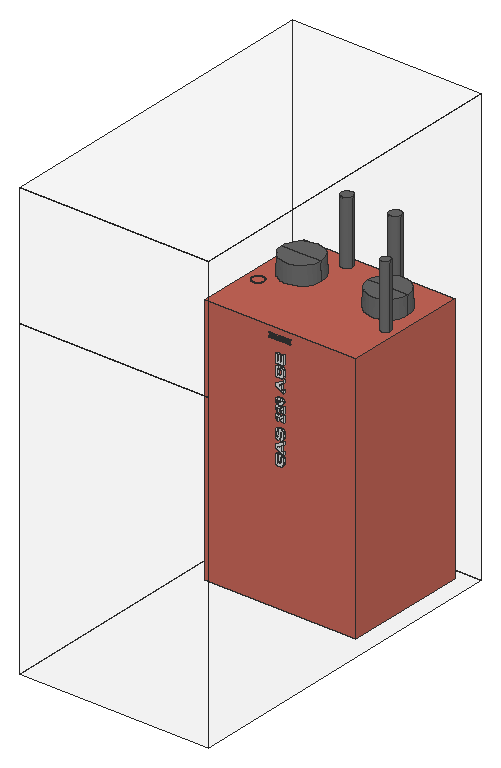
Revit family "Gas Ace 220_300_LOD-3", category Mechanical Equipment, Revit 2015
Parameters (values of type "300")
  Weekly = "0"
  Water Treatment Required = yes
  Water Content = 33.0 L
  Warranty ID = ""
  Voltage = 230 V
  Uniclass2015 = "Pr_60_60_08"
  URL = ""
  Type = "Space heating"
  Turndown Ratio = "4.8:1"
  Supply Phase = 1
  Starting Current = 0 A
  Sound Pressure Level = "63.8 dBA"
  Shipping Weight = 275.00 kg
  Shape = "Rectangular (Vertical)"
  Safety Valve Connection Type = "Unset"
  Safety Valve Connection Size = 0.00 mm
  Responsible Sourcing of Materials = "N/A"
  Responsible Extraction of Materials = "N/A"
  Reference Standard = "GAD 2009/142/EC BED 92/42/EEC EMC 2014/30/EU LVD 2014/35/EU ErP 2009/125/EC"
  Rated Output = 290900 W
  Rated Criteria = "80/60"
  Quarterly = "0"
  Product Range = "Gas 220 - 300"
  Product Model Number = "Not Available"
  Product Literature = "https://www.remeha.co.uk/-/media/Themes/RemehaUK/Documents/Current/Specification-guides/gas-220-ace-specification-guide.pdf"
  Primary Fuel = "Gas - NG"
  Overall Width = 800.00 mm
  Overall Length = 657.00 mm
  Overall Height = 1662.00 mm
  Optional Fuel = "Gas - LPG"
  Operation and Maintenance Manual = "https://www.remeha.co.uk/en/Products/Floor-Standing-Range/Gas-220-Ace"
  Oil Consumption rate = 0
  Nominal Oil Inlet Pressure = 0.000 bar
  Nominal Gas Inlet Pressure = 0.020 bar
  NOx Emissions = "35 mg/kWh"
  Mounting = "Floor Standing"
  Monthly = "0"
  Model = ""
  Minimum Power Consumption = 9 W
  Minimum Operating Pressure = 0.800 bar
  Minimum Oil Inlet Pressure = 0.000 bar
  Minimum Gas Inlet Pressure = 0.017 bar
  Minimum Flow Rate at 20C temperature differential = 3.48 L/s
  Minimum Flow Rate at 11C temperature differential = 0.0 L/s
  Maximum Power Consumption = 343 W
  Maximum Operating Pressure = 5.000 bar
  Maximum Oil Inlet Pressure = 0.000 bar
  Maximum Gas Inlet Pressure = 0.025 bar
  Material Ingredient Reporting = "N/A"
  Manufacturer Website = "https://www.remeha.co.uk/"
  Manufacturer = "Remeha Commercial"
  Maintenance Required 8001 to 12000hrs = "0"
  Maintenance Required 601 to 1000hrs = "0"
  Maintenance Required 4001 to 8000hrs = "0"
  Maintenance Required 301 to 600hrs = "0"
  Maintenance Required 2001 to 4000hrs = "0"
  Maintenance Required 1001 to 2000hrs = "0"
  Maintenance Required 0 to 300hrs = "0"
  Location of Manufacturer = "N/A"
  Life Cycle Analysis = "N/A"
  Interlocks = yes
  IfcExportType = "NOTDEFINED"  # constant formula
  IfcExportAs = "IfcBoilerType"  # constant formula
  IP Rating = "IPX1B"
  IK Rating = "0"
  Hydraulic Resistance at 20C temperature differential = 0.200 bar
  Hydraulic Resistance at 11C temperature differential = 0.000 bar
  Heater Operation = "Condensing"
  Heat Exchanger Material = "Aluminium"
  Gross Weight = 278.00 kg
  Green Guide for Specification = "N/A"
  Gas Consumption rate = "31.6 m3/h"
  Fuse Rating = 6.3 A
  Full Load Current = 0 A
  Fuel Connection Type = "Threaded"
  Fuel Connection Size = 38.10 mm
  Frequency = 50 Hz
  Flue or Air Intake Classification = "B23p,B33, C33, C43, C53, C63, C83, C89"
  Flue Connection size = 200.00 mm
  Flow and Return Connection Type = "Threaded"
  Flow and Return Connection Size = 50.80 mm
  Finish = "High Polish Gardner 60 GRAD 91EH"
  Features = "Remeha's Gas 220 Ace  is a compact high efficiency floor standing condensing boiler. The compact design make this boiler ideally suited to modular arrangements"
  External Material = "Steel"
  Expected Life = "15"
  ErP Seasonal Efficiency = "0 %"
  ErP Rated Efficiency at Part Load = "97.7 %"
  ErP Rated Efficiency at Full Load = "87.7 %"
  ErP Energy Label = "0"
  Environmental Product Declaration = "N/A"
  Energy Technology List = "0"
  Embodied Carbon = "N/A"
  Drain Connection Type = "Threaded"
  Drain Connection Size = 19.05 mm
  Description = ""
  Daily = "0"
  Control Type = "0 - 10V, Open Therm, Volt free enable, Direct boiler weather compensating control systems available from Remeha as optional extra's."
  Configuration = "Single boiler"
  Condensate Drain Type = "Plain"
  Condensate Drain Size = 40.00 mm
  Colour = "RAL 2002 Red RAL 7016 Dark Grey"
  Clearance Box Visibility [instance] = yes
  Classification.Uniclass.Pr.Number [instance] = "Pr_60_60_08_34"
  Classification.Uniclass.Pr.Description [instance] = "Gas fired Condensing Boilers"
  CE Mark = "0063CQ3781"
  Burner Control Type = "Modulating"
  Building Regulations Seasonal Efficiency = "95.80 %"
  Bespoke Timeframe = "0"
  BMS Links = yes
  Annually = "0"
  Air Inlet Connection Size = 200.00 mm
  Additional Technical Details = "https://www.remeha.co.uk/-/media/Themes/RemehaUK/Documents/Current/Technical-sheets/gas-220-ace-160-300-kw-technical-sheet.pdf"
  Access Clearance Top = 650.00 mm
  Access Clearance Right = 100.00 mm
  Access Clearance Rear = 50.00 mm
  Access Clearance Left = 100.00 mm
  Access Clearance Front = 1100.00 mm
  Access Clearance Bottom = 0.00 mm
  6 Monthly = "0"
Reference planes
  plane 1 "Center (Front/Back)": y = 0
  plane 2: z = 0
  plane 3 "Center (Left/Right)": x = 0
  plane 4: y = -657
  plane 5: x = -400
  plane 6: x = 400
  plane 7: z = 1329
  plane 8: z = 1662
  plane 9: z = 29
  plane 10: y = -231
  plane 11: y = -383
  plane 12: x = 229
  plane 13: x = -229
  plane 14: y = -331.3
  plane 15: y = -331.3
  plane 16: x = 338
  plane 17: x = 128
  plane 18: x = -128
  plane 19: x = -338
  plane 20: y = -56
  plane 21: z = 1637
  plane 22: z = 1330
  plane 23: z = 1582.574
  plane 24: y = -419.302
  plane 25: x = -246.5
  plane 26: x = 246.5
  plane 27: x = -216.5
  plane 28: x = 216.5
  plane 29: x = -247.5
  plane 30: x = -129
  plane 31: x = 129
  plane 32: x = -309.433
  plane 33: z = 84
  plane 34 "Drain": x = -280
  plane 35: y = 50
Forms (mm)
  Extrusion 1, solid, material "Color RGB 190-040-018"
    sketch origin (0, 0, 0) x (1, 0, 0) y (0, 0, 1)
      loop
        line (-400, 1329) -> (-400, 0) -> (400, 0) -> (400, 1329) -> (-400, 1329)
    from 0 to 657
  Extrusion 2, solid, material "Color RGB 045-045-045"
    sketch origin (0, 0, 0) x (1, 0, 0) y (0, 1, 0)
      loop
        circle (-128, -56) r 30.15
      loop
        circle (128, -56) r 30.15
    from 1329 to 1662
  Extrusion 3, solid, material "Color RGB 045-045-045"
    sketch origin (0, 0, 0) x (1, 0, 0) y (0, 1, 0)
      loop
        circle (338, -383) r 24.15
    from 1329 to 1662
  Revolve 4, solid, material "Color RGB 045-045-045"
    sketch origin (-859.279, -231, 1200) x (-1, 0, 0) y (0, 0, 1)
      loop
        line (-630.279, 224) -> (-734.758, 224) -> (-737.327, 129) -> (-630.279, 129) -> (-630.279, 224)
      axis (-630.279, 224) -> (-630.279, 129)
    angle from 0 to 360
  Extrusion 5, solid, material "Color RGB 045-045-045"
    sketch origin (0, 0, 0) x (1, 0, 0) y (0, 1, 0)
      loop
        circle (-338, -383) r 30.5
      loop
        circle (-338, -383) r 30.15
    from 1329 to 1330
  Revolve 6, solid, material "Color RGB 045-045-045"
    sketch origin (859.279, -231, 1200) x (1, 0, 0) y (0, 0, -1)
      loop
        line (-630.279, -224) -> (-630.279, -129) -> (-737.327, -129) -> (-734.758, -224) -> (-630.279, -224)
      axis (-630.279, -224) -> (-630.279, -129)
    angle from 0 to 360
  Extrusion 7, solid
    sketch origin (0, 0, 0) x (1, 0, 0) y (0, 0, 1)
      loop
        circle (-280, 84) r 10
    from 0 to 7.025
  Extrusion 8, solid, material "Glass - Clear - Amber", visible <- "Clearance Box Visibility"
    sketch origin (0, 0, 0) x (0, 1, 0) y (0, 0, 1)
      loop
        line (50, 2312) -> (-1757, 2312) -> (-1757, 1662) -> (-1757, 0) -> (50, 0) -> (50, 2312)
    from -500 to 500
  Extrusion 9, solid, material "Color RGB 235-235-235"
    sketch origin (101.634, 0, 0.11) x (1, 0, 0) y (0, 0, 1)
      loop
        arc (-93.982, 684.046) -> (-85.29, 687.232) -> (-80.717, 695.281) r 13.448
        line (-80.717, 695.281) -> (-80.115, 698.888) -> (-80, 702.988) -> (-80, 728.206)
        arc (-80, 728.206) -> (-83.13, 735.762) -> (-90.686, 738.892) r 10.686
        line (-90.686, 738.892) -> (-94.011, 738.892) -> (-104.813, 738.892) -> (-104.813, 709.936) -> (-96.035, 709.936) -> (-96.035, 725.984)
        arc (-96.035, 725.984) -> (-91.935, 724.658) -> (-90.181, 720.722) r 5.292
        line (-90.181, 720.722) -> (-90.181, 703.318)
        arc (-90.181, 703.318) -> (-91.955, 699.033) -> (-96.24, 697.258) r 6.059
        line (-96.24, 697.258) -> (-107.064, 697.258)
        arc (-107.064, 697.258) -> (-111.348, 699.033) -> (-113.123, 703.318) r 6.059
        line (-113.123, 703.318) -> (-113.123, 723.353)
        arc (-113.123, 723.353) -> (-111.339, 725.862) -> (-108.384, 724.999) r 2.655
        line (-108.384, 724.999) -> (-108.384, 738.658) -> (-112.644, 738.658)
        arc (-112.644, 738.658) -> (-120.184, 735.535) -> (-123.308, 727.994) r 10.664
        line (-123.308, 727.994) -> (-123.308, 702.694) -> (-123.034, 696.854)
        arc (-123.034, 696.854) -> (-118.872, 687.729) -> (-109.561, 684) r 13.487
        line (-109.561, 684) -> (-93.982, 684.046)
      loop
        line (-80.468, 742.529) -> (-80.468, 756.952) -> (-87.959, 760.736) -> (-87.959, 786.898) -> (-80.467, 790.911) -> (-80.467, 805.276) -> (-122.84, 782.129) -> (-122.84, 765.321) -> (-80.468, 742.529)
      loop
        line (-97.087, 782.07) -> (-113.006, 773.698) -> (-97.087, 765.559) -> (-97.087, 782.07)
      loop
        line (-94.335, 821.996) -> (-94.335, 809.423)
        arc (-94.335, 809.423) -> (-90.484, 808.619) -> (-86.694, 809.672) r 8.335
        line (-86.694, 809.672) -> (-83.423, 811.497) -> (-81.369, 814.676) -> (-80.304, 819.321) -> (-79.999, 825.545) -> (-79.999, 841.184) -> (-80.285, 849.955)
        arc (-80.285, 849.955) -> (-93.422, 863.092) -> (-106.559, 849.955) r 13.137
        line (-106.559, 849.955) -> (-106.8, 837.459) -> (-106.813, 830.544) -> (-107.046, 825.766)
        arc (-107.046, 825.766) -> (-110.321, 822.155) -> (-113.824, 825.546) r 3.393
        line (-113.824, 825.546) -> (-113.824, 843.718)
        arc (-113.824, 843.718) -> (-112.498, 846.623) -> (-109.435, 847.527) r 3.848
        line (-109.435, 847.527) -> (-109.435, 860.166)
        arc (-109.435, 860.166) -> (-112.188, 860.623) -> (-114.94, 860.166) r 8.532
        line (-114.94, 860.166) -> (-118.403, 858.986) -> (-121.04, 856.31) -> (-122.718, 851.557) -> (-123.307, 844.149) -> (-123.307, 826.126) -> (-122.632, 818.108)
        arc (-122.632, 818.108) -> (-110.144, 808.063) -> (-97.656, 818.108) r 12.785
        line (-97.656, 818.108) -> (-96.97, 830.778) -> (-96.916, 839.051) -> (-96.652, 844.348)
        arc (-96.652, 844.348) -> (-93.065, 847.935) -> (-89.479, 844.348) r 3.587
        line (-89.479, 844.348) -> (-89.479, 827.579)
        arc (-89.479, 827.579) -> (-90.863, 823.879) -> (-94.335, 821.996) r 5.637
      loop
        line (-80.467, 894.562) -> (-80.467, 928.774) -> (-90.101, 928.774) -> (-90.101, 911.338) -> (-95.872, 918.465) -> (-102.827, 925.924)
        arc (-102.827, 925.924) -> (-113.845, 928.876) -> (-121.328, 920.268) r 10.762
        arc (-121.328, 920.268) -> (-121.467, 910.072) -> (-118.715, 900.253) r 35.665
        arc (-118.715, 900.253) -> (-117.686, 898.792) -> (-116.174, 897.837) r 4.57
        line (-116.174, 897.837) -> (-109.842, 895.405) -> (-109.842, 907.63)
        arc (-109.842, 907.63) -> (-114.48, 914.715) -> (-106.118, 916.051) r 5.045
        line (-106.118, 916.051) -> (-90.101, 898.262) -> (-80.467, 894.562)
      loop
        line (-109.842, 936.604) -> (-109.842, 948.83)
        arc (-109.842, 948.83) -> (-114.48, 955.915) -> (-106.118, 957.25) r 5.045
        line (-106.118, 957.25) -> (-90.101, 939.461) -> (-80.467, 935.761) -> (-80.467, 969.974) -> (-90.101, 969.974) -> (-90.101, 952.537) -> (-95.872, 959.664) -> (-102.827, 967.123)
        arc (-102.827, 967.123) -> (-113.845, 970.075) -> (-121.328, 961.467) r 10.762
        arc (-121.328, 961.467) -> (-121.467, 951.271) -> (-118.715, 941.452) r 35.665
        arc (-118.715, 941.452) -> (-117.686, 939.991) -> (-116.174, 939.036) r 4.57
        line (-116.174, 939.036) -> (-109.842, 936.604)
      loop
        spline (-123.206, 991.968) -> (-122.47, 987.662) -> (-120.312, 983.65) -> (-116.879, 980.204) -> (-112.404, 977.56) -> (-107.194, 975.898) -> (-101.602, 975.332) -> (-96.011, 975.898) -> (-90.8, 977.56) -> (-86.326, 980.204) -> (-82.892, 983.65) -> (-80.734, 987.662) -> (-79.998, 991.968)
        spline (-79.998, 991.968) -> (-80.734, 996.274) -> (-82.892, 1000.287) -> (-86.326, 1003.732) -> (-90.8, 1006.376) -> (-96.011, 1008.038) -> (-101.602, 1008.605) -> (-107.194, 1008.038) -> (-112.404, 1006.376) -> (-116.879, 1003.732) -> (-120.312, 1000.287) -> (-122.47, 996.274) -> (-123.206, 991.968)
      loop
        line (-122.84, 1057.204) -> (-80.468, 1034.412) -> (-80.468, 1048.836) -> (-87.959, 1052.619) -> (-87.959, 1078.781) -> (-80.467, 1082.794) -> (-80.467, 1097.159) -> (-122.84, 1074.012) -> (-122.84, 1057.204)
      loop
        line (-97.087, 1073.954) -> (-113.006, 1065.581) -> (-97.087, 1057.442) -> (-97.087, 1073.954)
      loop
        line (-90.88, 1138.913) -> (-90.88, 1121.46)
        arc (-90.88, 1121.46) -> (-92.655, 1117.175) -> (-96.939, 1115.401) r 6.059
        line (-96.939, 1115.401) -> (-106.36, 1115.401)
        arc (-106.36, 1115.401) -> (-110.645, 1117.175) -> (-112.419, 1121.46) r 6.059
        line (-112.419, 1121.46) -> (-112.419, 1138.573)
        arc (-112.419, 1138.573) -> (-110.945, 1142.131) -> (-107.387, 1143.605) r 5.032
        line (-107.387, 1143.605) -> (-107.387, 1156.379) -> (-111.187, 1156.379)
        arc (-111.187, 1156.379) -> (-119.756, 1152.83) -> (-123.306, 1144.261) r 12.118
        line (-123.306, 1144.261) -> (-123.306, 1114.265)
        arc (-123.306, 1114.265) -> (-119.757, 1105.696) -> (-111.187, 1102.146) r 12.118
        line (-111.187, 1102.146) -> (-92.116, 1102.146)
        arc (-92.116, 1102.146) -> (-83.547, 1105.696) -> (-79.998, 1114.265) r 12.118
        line (-79.998, 1114.265) -> (-79.998, 1144.92)
        arc (-79.998, 1144.92) -> (-83.547, 1153.489) -> (-92.116, 1157.038) r 12.118
        line (-92.116, 1157.038) -> (-96.735, 1157.038) -> (-96.735, 1144.26)
        arc (-96.735, 1144.26) -> (-92.629, 1142.878) -> (-90.88, 1138.913) r 5.369
      loop
        line (-80.466, 1168.716) -> (-80.466, 1215.523) -> (-90.646, 1215.523) -> (-90.647, 1181.624) -> (-97.313, 1181.624) -> (-97.313, 1213.022) -> (-106.214, 1213.022) -> (-106.214, 1181.624) -> (-113.004, 1181.624) -> (-113.004, 1214.617) -> (-122.838, 1214.617) -> (-122.838, 1168.716) -> (-80.466, 1168.716)
      loop
        spline (-115.232, 991.968) -> (-114.767, 990.266) -> (-113.406, 988.68) -> (-111.24, 987.318) -> (-108.417, 986.273) -> (-105.13, 985.616) -> (-101.602, 985.392) -> (-98.074, 985.616) -> (-94.787, 986.273) -> (-91.964, 987.318) -> (-89.798, 988.68) -> (-88.437, 990.266) -> (-87.972, 991.968)
        spline (-87.972, 991.968) -> (-88.437, 993.67) -> (-89.798, 995.257) -> (-91.964, 996.619) -> (-94.787, 997.664) -> (-98.074, 998.321) -> (-101.602, 998.545) -> (-105.13, 998.321) -> (-108.417, 997.664) -> (-111.24, 996.619) -> (-113.406, 995.257) -> (-114.767, 993.67) -> (-115.232, 991.968)
    from 657 to 662.984
  Extrusion 10, solid, material "Color RGB 235-235-235"
    sketch origin (-43.875, -9.272, 1275.854) x (1, 0, 0) y (0, -0.000437, 1)
      loop
        line (-15.915, 23.933) -> (-15.915, 21.574) -> (100.023, 21.574) -> (100.023, 23.933) -> (-15.915, 23.933)
      loop
        line (-15.915, 2.368) -> (-15.915, 0) -> (100.023, 0) -> (100.023, 2.368) -> (-15.915, 2.368)
      loop
        line (-7.55, 16.548) -> (-7.55, 7.385) -> (0.456, 7.385) -> (0.456, 16.548) -> (-7.55, 16.548)
      loop
        line (-10.633, 19.602) -> (-10.633, 4.34) -> (3.539, 4.34) -> (3.539, 10.445) -> (6.606, 10.445)
        arc (6.606, 10.445) -> (8.137, 9.954) -> (9.096, 8.664) r 2.632
        line (9.096, 8.664) -> (10.573, 4.34) -> (14.226, 4.331) -> (12.014, 9.646)
        arc (12.014, 9.646) -> (11.484, 10.708) -> (10.812, 11.686) r 8.599
        arc (10.812, 11.686) -> (13.696, 16.127) -> (9.7, 19.602) r 4.036
        line (9.7, 19.602) -> (-10.633, 19.602)
      loop
        line (3.539, 16.548) -> (3.539, 13.489) -> (8.986, 13.489)
        arc (8.986, 13.489) -> (10.516, 15.019) -> (8.986, 16.548) r 1.529
        line (8.986, 16.548) -> (3.539, 16.548)
      loop
        line (24.358, 15.212) -> (24.358, 4.335) -> (27.412, 4.335) -> (27.412, 9.994)
        arc (27.412, 9.994) -> (28.404, 12.196) -> (30.711, 12.913) r 2.94
        line (30.711, 12.913) -> (30.711, 15.47)
        arc (30.711, 15.47) -> (28.818, 15.212) -> (27.282, 14.076) r 3.85
        line (27.282, 14.076) -> (27.282, 15.212) -> (24.358, 15.212)
      loop
        arc (39.556, 11.064) -> (37.154, 12.927) -> (34.752, 11.064) r 2.48
        line (34.752, 11.064) -> (39.556, 11.064)
      loop
        line (34.639, 9.003) -> (42.683, 9.003)
        arc (42.683, 9.003) -> (37.246, 15.375) -> (31.809, 9.003) r 5.506
        arc (31.809, 9.003) -> (36.775, 4.075) -> (42.683, 7.823) r 5.609
        line (42.683, 7.823) -> (39.475, 7.823)
        arc (39.475, 7.823) -> (36.614, 6.602) -> (34.639, 9.003) r 2.594
      loop
        line (44.304, 4.337) -> (47.307, 4.337) -> (47.307, 10.965)
        arc (47.307, 10.965) -> (49.045, 12.703) -> (50.783, 10.965) r 1.738
        line (50.783, 10.965) -> (50.783, 4.324) -> (53.824, 4.324) -> (53.824, 10.85)
        arc (53.824, 10.85) -> (55.606, 12.632) -> (57.388, 10.85) r 1.782
        line (57.388, 10.85) -> (57.388, 4.324) -> (60.429, 4.324) -> (60.429, 11.851)
        arc (60.429, 11.851) -> (57.692, 15.455) -> (53.486, 13.787) r 3.741
        arc (53.486, 13.787) -> (50.43, 15.415) -> (47.177, 14.228) r 4.249
        line (47.177, 14.228) -> (47.177, 15.214) -> (44.304, 15.214) -> (44.304, 4.337)
      loop
        arc (69.683, 11.064) -> (67.281, 12.927) -> (64.88, 11.064) r 2.48
        line (64.88, 11.064) -> (69.683, 11.064)
      loop
        line (64.766, 9.003) -> (72.81, 9.003)
        arc (72.81, 9.003) -> (67.373, 15.375) -> (61.936, 9.003) r 5.506
        arc (61.936, 9.003) -> (66.902, 4.075) -> (72.81, 7.823) r 5.609
        line (72.81, 7.823) -> (69.602, 7.823)
        arc (69.602, 7.823) -> (66.742, 6.602) -> (64.766, 9.003) r 2.594
      loop
        line (74.422, 4.337) -> (77.462, 4.337) -> (77.462, 10.464)
        arc (77.462, 10.464) -> (79.208, 12.386) -> (81.287, 10.832) r 1.93
        line (81.287, 10.832) -> (81.287, 4.337) -> (84.328, 4.337) -> (84.328, 11.653)
        arc (84.328, 11.653) -> (81.802, 15.331) -> (77.462, 14.296) r 3.942
        line (77.462, 14.296) -> (77.462, 19.383) -> (74.422, 19.383) -> (74.422, 4.337)
      loop
        arc (95.784, 12.354) -> (95.16, 13.909) -> (93.822, 14.918) r 3.124
        arc (93.822, 14.918) -> (92.796, 15.2) -> (91.745, 15.359) r 9.034
        arc (91.745, 15.359) -> (90.692, 15.424) -> (89.639, 15.359) r 8.608
        arc (89.639, 15.359) -> (88.55, 15.088) -> (87.559, 14.561) r 4.613
        arc (87.559, 14.561) -> (87.064, 14.061) -> (86.663, 13.482) r 4.017
        arc (86.663, 13.482) -> (86.273, 12.61) -> (86.012, 11.691) r 6.705
        line (86.012, 11.691) -> (88.975, 11.7)
        arc (88.975, 11.7) -> (89.323, 12.453) -> (90.004, 12.927) r 1.58
        arc (90.004, 12.927) -> (90.999, 13.122) -> (92.008, 13.022) r 3.46
        arc (92.008, 13.022) -> (92.743, 12.024) -> (91.907, 11.11) r 0.975
        line (91.907, 11.11) -> (89.009, 10.699)
        arc (89.009, 10.699) -> (86.71, 9.449) -> (85.792, 6.999) r 3.742
        arc (85.792, 6.999) -> (86.094, 5.779) -> (86.932, 4.842) r 2.605
        arc (86.932, 4.842) -> (89.985, 4.17) -> (92.914, 5.26) r 5.532
        line (92.914, 5.26) -> (93.178, 4.346) -> (96.197, 4.346) -> (95.784, 6.47) -> (95.784, 12.354)
      loop
        line (92.845, 9.629) -> (89.315, 8.609)
        arc (89.315, 8.609) -> (88.866, 7.99) -> (88.785, 7.229) r 1.489
        arc (88.785, 7.229) -> (89.225, 6.447) -> (90.072, 6.149) r 1.274
        arc (90.072, 6.149) -> (90.865, 6.342) -> (91.638, 6.602) r 9.564
        arc (91.638, 6.602) -> (92.433, 7.212) -> (92.768, 8.157) r 1.764
        line (92.768, 8.157) -> (92.845, 9.629)
    from 644.727 to 648.528
Dimensions and locks
  equal spacing: plane 5, plane 3 "Center (Left/Right)", plane 6
  plane 4 to plane 1 "Center (Front/Back)" = 657.00 mm
  plane 5 to plane 6 = 800.00 mm
  plane 8 to level = 1662.00 mm  (x2)
  plane 9 to level = 29.00 mm
  locked: plane 10 to plane 1 "Center (Front/Back)" at 231
  locked: plane 11 to plane 1 "Center (Front/Back)" at 383
  locked: plane 12 to plane 6 at 171
  plane 13 to plane 12 = 458.00 mm
  plane 10 to plane 14 = 100.30 mm
  plane 10 to plane 15 = 100.30 mm
  locked: plane 6 to plane 16 at 62
  locked: plane 6 to plane 17 at 272
  locked: plane 6 to plane 18 at 528
  locked: plane 6 to plane 19 at 738
  plane 16 to plane 6 = 62.00 mm
  plane 17 to plane 6 = 272.00 mm
  plane 18 to plane 6 = 528.00 mm
  plane 19 to plane 6 = 738.00 mm
  locked: plane 20 to plane 1 "Center (Front/Back)" at 56
  locked: plane 8 to plane 21 at 25
  locked: plane 22 to plane 7 at 1
  plane 8 to plane 22 = 332.00 mm
  locked: plane 27 to plane 25 at 30
  locked: plane 26 to plane 28 at 30
  plane 30 to plane 13 = 100.00 mm
  locked: Revolve 4 sketch curve to plane 30 at 4.479
  locked: Revolve 6 sketch curve to plane 31 at 4.479
  plane 12 to plane 31 = 100.00 mm
  plane 5 to plane 34 "Drain" = 120.00 mm
  radius of Extrusion 2 sketch curve = 30.15 mm  (x2)
  radius of Extrusion 3 sketch curve = 24.15 mm
  radius of Extrusion 7 sketch curve = 10.00 mm
  aligned and locked: level to plane 2
  aligned and locked: Extrusion 1 sketch curve to plane 7
  aligned and locked: plane 5 to Extrusion 1 sketch curve
  aligned and locked: Extrusion 1 sketch curve to plane 6
  aligned and locked: plane 8 to Extrusion 2
  aligned and locked: plane 16 to Extrusion 3 sketch curve
  aligned and locked: plane 11 to Extrusion 3 sketch curve
  aligned and locked: plane 8 to Extrusion 3
  aligned and locked: Extrusion 5 to plane 22
  aligned and locked: Extrusion 5 to plane 7
Automatic sketch dimensions
  Extrusion 7 sketch curve to plane 33 = 0.00 mm
  Extrusion 7 sketch curve to plane 34 "Drain" = 0.00 mm
  Extrusion 5 sketch curve to Extrusion 5 sketch curve = 0.00 mm  (x2)
  Extrusion 5 sketch curve to plane 11 = 0.00 mm
  Extrusion 5 sketch curve to plane 19 = 0.00 mm
  Extrusion 2 sketch curve to plane 18 = 0.00 mm
  Extrusion 2 sketch curve to plane 17 = 0.00 mm
  Extrusion 2 sketch curve to plane 20 = 0.00 mm  (x2)
  Extrusion 8 sketch curve to plane 8 = 0.00 mm
  Extrusion 8 sketch curve to level = 0.00 mm
  Extrusion 8 sketch curve to plane 35 = 0.00 mm
  Extrusion 8 sketch curve to plane 4 = 1100.00 mm
  plane 8 to Extrusion 8 sketch curve = 650.00 mm
  plane 9 to Extrusion 1 sketch curve = 29.00 mm
  Revolve 4 sketch curve to plane 7 = 0.00 mm
  Revolve 4 sketch curve to plane 13 = 0.00 mm  (x2)
  plane 22 to Revolve 4 sketch curve = 94.00 mm
  plane 18 to Revolve 4 sketch curve = 6.048 mm
  Revolve 4 sketch curve to level = 304.80 mm
  plane 8 to Revolve 4 sketch curve = 776.40 mm
  Revolve 6 sketch curve to plane 7 = 0.00 mm
  Revolve 6 sketch curve to plane 12 = 0.00 mm  (x2)
  plane 22 to Revolve 6 sketch curve = 94.00 mm
  Revolve 6 sketch curve to plane 17 = 6.048 mm
  plane 8 to Revolve 6 sketch curve = 776.40 mm
  Revolve 6 sketch curve to level = 304.80 mm
  Extrusion 9 sketch curve to plane 3 "Center (Left/Right)" = 21.674 mm  (x2)
  Extrusion 9 sketch curve to plane 3 "Center (Left/Right)" = 21.673 mm
  Extrusion 9 sketch curve to plane 3 "Center (Left/Right)" = 21.672 mm
  Extrusion 9 sketch curve to plane 3 "Center (Left/Right)" = 21.671 mm
  Extrusion 9 sketch curve to Extrusion 9 sketch curve = 0.274 mm
  Extrusion 9 sketch curve to plane 3 "Center (Left/Right)" = 21.206 mm  (x2)
  Extrusion 9 sketch curve to plane 3 "Center (Left/Right)" = 21.204 mm  (x2)
  Extrusion 9 sketch curve to Extrusion 9 sketch curve = 0.589 mm
  Extrusion 9 sketch curve to Extrusion 9 sketch curve = 0.676 mm
  Extrusion 9 sketch curve to Extrusion 9 sketch curve = 1.679 mm
  Extrusion 9 sketch curve to Extrusion 9 sketch curve = 2.637 mm
  Extrusion 9 sketch curve to plane 3 "Center (Left/Right)" = 14.54 mm  (x2)
  Extrusion 9 sketch curve to Extrusion 9 sketch curve = 3.463 mm
  Extrusion 9 sketch curve to Extrusion 9 sketch curve = 1.638 mm  (x2)
  Extrusion 9 sketch curve to Extrusion 9 sketch curve = 9.483 mm
  Extrusion 9 sketch curve to Extrusion 9 sketch curve = 10.185 mm  (x2)
  Extrusion 9 sketch curve to plane 3 "Center (Left/Right)" = 11.371 mm  (x2)
  Extrusion 9 sketch curve to plane 3 "Center (Left/Right)" = 11.37 mm
  Extrusion 9 sketch curve to Extrusion 9 sketch curve = 0.479 mm
  Extrusion 9 sketch curve to Extrusion 9 sketch curve = 0.00 mm  (x26)
  Extrusion 9 sketch curve to plane 3 "Center (Left/Right)" = 10.785 mm  (x2)
  Extrusion 9 sketch curve to Extrusion 9 sketch curve = 2.753 mm
  Extrusion 9 sketch curve to plane 3 "Center (Left/Right)" = 9.553 mm  (x2)
  Extrusion 9 sketch curve to Extrusion 9 sketch curve = 1.232 mm  (x2)
  Extrusion 9 sketch curve to plane 3 "Center (Left/Right)" = 9.064 mm  (x2)
  Extrusion 9 sketch curve to Extrusion 9 sketch curve = 2.655 mm
  Extrusion 9 sketch curve to Extrusion 9 sketch curve = 3.393 mm
  Extrusion 9 sketch curve to Extrusion 9 sketch curve = 0.288 mm
  Extrusion 9 sketch curve to Extrusion 9 sketch curve = 3.848 mm
  Extrusion 9 sketch curve to Extrusion 9 sketch curve = 0.831 mm  (x2)
  Extrusion 9 sketch curve to Extrusion 9 sketch curve = 6.332 mm
  Extrusion 9 sketch curve to Extrusion 9 sketch curve = 0.025 mm
  Extrusion 9 sketch curve to plane 3 "Center (Left/Right)" = 7.927 mm
  Extrusion 9 sketch curve to Extrusion 9 sketch curve = 3.562 mm
  Extrusion 9 sketch curve to Extrusion 9 sketch curve = 5.505 mm
  Extrusion 9 sketch curve to Extrusion 9 sketch curve = 2.084 mm
  Extrusion 9 sketch curve to Extrusion 9 sketch curve = 4.26 mm
  Extrusion 9 sketch curve to Extrusion 9 sketch curve = 5.032 mm
  Extrusion 9 sketch curve to Extrusion 9 sketch curve = 3.80 mm  (x2)
  Extrusion 9 sketch curve to Extrusion 9 sketch curve = 2.497 mm
  Extrusion 9 sketch curve to plane 3 "Center (Left/Right)" = 5.429 mm
  Extrusion 9 sketch curve to Extrusion 9 sketch curve = 3.385 mm
  Extrusion 9 sketch curve to Extrusion 9 sketch curve = 0.233 mm
  Extrusion 9 sketch curve to plane 3 "Center (Left/Right)" = 5.166 mm
  Extrusion 9 sketch curve to Extrusion 9 sketch curve = 2.876 mm
  Extrusion 9 sketch curve to plane 3 "Center (Left/Right)" = 4.726 mm  (x2)
  Extrusion 9 sketch curve to plane 3 "Center (Left/Right)" = 4.58 mm
  Extrusion 9 sketch curve to plane 3 "Center (Left/Right)" = 4.484 mm  (x2)
  Extrusion 9 sketch curve to plane 3 "Center (Left/Right)" = 3.179 mm  (x2)
  Extrusion 9 sketch curve to plane 3 "Center (Left/Right)" = 1.193 mm  (x2)
  plane 3 "Center (Left/Right)" to Extrusion 9 sketch curve = 3.979 mm
  plane 3 "Center (Left/Right)" to Extrusion 9 sketch curve = 4.321 mm
  plane 3 "Center (Left/Right)" to Extrusion 9 sketch curve = 4.547 mm  (x2)
  plane 3 "Center (Left/Right)" to Extrusion 9 sketch curve = 4.664 mm
  plane 3 "Center (Left/Right)" to Extrusion 9 sketch curve = 4.695 mm  (x2)
  plane 3 "Center (Left/Right)" to Extrusion 9 sketch curve = 4.718 mm
  plane 3 "Center (Left/Right)" to Extrusion 9 sketch curve = 4.90 mm  (x2)
  plane 3 "Center (Left/Right)" to Extrusion 9 sketch curve = 4.983 mm
  Extrusion 9 sketch curve to Extrusion 9 sketch curve = 0.486 mm
  plane 3 "Center (Left/Right)" to Extrusion 9 sketch curve = 5.394 mm  (x2)
  plane 3 "Center (Left/Right)" to Extrusion 9 sketch curve = 5.599 mm
  plane 3 "Center (Left/Right)" to Extrusion 9 sketch curve = 5.762 mm  (x2)
  Extrusion 9 sketch curve to Extrusion 9 sketch curve = 0.563 mm
  Extrusion 9 sketch curve to Extrusion 9 sketch curve = 1.854 mm
  plane 3 "Center (Left/Right)" to Extrusion 9 sketch curve = 7.299 mm
  Extrusion 9 sketch curve to Extrusion 9 sketch curve = 3.321 mm
  plane 3 "Center (Left/Right)" to Extrusion 9 sketch curve = 7.623 mm
  Extrusion 9 sketch curve to Extrusion 9 sketch curve = 2.258 mm
  Extrusion 9 sketch curve to Extrusion 9 sketch curve = 3.229 mm
  Extrusion 9 sketch curve to Extrusion 9 sketch curve = 3.587 mm
  plane 3 "Center (Left/Right)" to Extrusion 9 sketch curve = 9.518 mm
  Extrusion 9 sketch curve to Extrusion 9 sketch curve = 4.618 mm  (x2)
  Extrusion 9 sketch curve to Extrusion 9 sketch curve = 4.823 mm  (x3)
  Extrusion 9 sketch curve to Extrusion 9 sketch curve = 5.369 mm
  Extrusion 9 sketch curve to Extrusion 9 sketch curve = 6.059 mm  (x2)
  Extrusion 9 sketch curve to Extrusion 9 sketch curve = 3.579 mm
  Extrusion 9 sketch curve to Extrusion 9 sketch curve = 5.349 mm
  Extrusion 9 sketch curve to Extrusion 9 sketch curve = 3.325 mm
  Extrusion 9 sketch curve to Extrusion 9 sketch curve = 6.667 mm
  Extrusion 9 sketch curve to Extrusion 9 sketch curve = 5.292 mm
  Extrusion 9 sketch curve to Extrusion 9 sketch curve = 5.771 mm
  plane 3 "Center (Left/Right)" to Extrusion 9 sketch curve = 11.534 mm  (x2)
  Extrusion 9 sketch curve to Extrusion 9 sketch curve = 5.637 mm
  Extrusion 9 sketch curve to Extrusion 9 sketch curve = 9.128 mm  (x2)
  Extrusion 9 sketch curve to Extrusion 9 sketch curve = 7.642 mm
  Extrusion 9 sketch curve to Extrusion 9 sketch curve = 3.998 mm  (x2)
  Extrusion 9 sketch curve to Extrusion 9 sketch curve = 3.27 mm
  Extrusion 9 sketch curve to Extrusion 9 sketch curve = 2.054 mm
  Extrusion 9 sketch curve to Extrusion 9 sketch curve = 9.464 mm
  Extrusion 9 sketch curve to Extrusion 9 sketch curve = 7.491 mm
  Extrusion 9 sketch curve to Extrusion 9 sketch curve = 10.218 mm
  Extrusion 9 sketch curve to Extrusion 9 sketch curve = 11.649 mm
  Extrusion 9 sketch curve to Extrusion 9 sketch curve = 7.492 mm
  Extrusion 9 sketch curve to Extrusion 9 sketch curve = 9.634 mm
  Extrusion 9 sketch curve to Extrusion 9 sketch curve = 10.181 mm
  Extrusion 9 sketch curve to Extrusion 9 sketch curve = 1.065 mm
  Extrusion 9 sketch curve to Extrusion 9 sketch curve = 0.602 mm
  Extrusion 9 sketch curve to Extrusion 9 sketch curve = 0.115 mm
  Extrusion 9 sketch curve to Extrusion 9 sketch curve = 0.305 mm
  Extrusion 9 sketch curve to Extrusion 9 sketch curve = 12.118 mm
  plane 33 to Extrusion 9 sketch curve = 600.11 mm
  Extrusion 9 sketch curve to Extrusion 9 sketch curve = 11.281 mm
  Extrusion 9 sketch curve to Extrusion 9 sketch curve = 12.854 mm
  Extrusion 9 sketch curve to Extrusion 9 sketch curve = 0.229 mm  (x2)
  Extrusion 9 sketch curve to Extrusion 9 sketch curve = 0.236 mm
  Extrusion 9 sketch curve to Extrusion 9 sketch curve = 3.608 mm
  Extrusion 9 sketch curve to Extrusion 9 sketch curve = 5.84 mm
  Extrusion 9 sketch curve to Extrusion 9 sketch curve = 4.10 mm
  Extrusion 9 sketch curve to Extrusion 9 sketch curve = 6.619 mm
  Extrusion 9 sketch curve to Extrusion 9 sketch curve = 10.786 mm
  Extrusion 9 sketch curve to Extrusion 9 sketch curve = 13.417 mm
  Extrusion 9 sketch curve to Extrusion 9 sketch curve = 4.641 mm
  Extrusion 9 sketch curve to Extrusion 9 sketch curve = 7.483 mm
  Extrusion 9 sketch curve to Extrusion 9 sketch curve = 3.637 mm
  Extrusion 9 sketch curve to Extrusion 9 sketch curve = 14.423 mm  (x2)
  Extrusion 9 sketch curve to Extrusion 9 sketch curve = 3.783 mm  (x2)
  Extrusion 9 sketch curve to Extrusion 9 sketch curve = 26.663 mm
  Extrusion 9 sketch curve to Extrusion 9 sketch curve = 8.377 mm  (x2)
  Extrusion 9 sketch curve to Extrusion 9 sketch curve = 16.511 mm  (x2)
  Extrusion 9 sketch curve to Extrusion 9 sketch curve = 8.431 mm  (x2)
  Extrusion 9 sketch curve to Extrusion 9 sketch curve = 4.827 mm  (x2)
  Extrusion 9 sketch curve to Extrusion 9 sketch curve = 4.013 mm  (x2)
  Extrusion 9 sketch curve to Extrusion 9 sketch curve = 14.365 mm  (x2)
  Extrusion 9 sketch curve to Extrusion 9 sketch curve = 4.147 mm
  Extrusion 9 sketch curve to Extrusion 9 sketch curve = 4.396 mm
  Extrusion 9 sketch curve to Extrusion 9 sketch curve = 1.825 mm
  Extrusion 9 sketch curve to Extrusion 9 sketch curve = 3.179 mm
  Extrusion 9 sketch curve to Extrusion 9 sketch curve = 1.158 mm
  Extrusion 9 sketch curve to Extrusion 9 sketch curve = 4.645 mm
  Extrusion 9 sketch curve to Extrusion 9 sketch curve = 3.888 mm
  Extrusion 9 sketch curve to Extrusion 9 sketch curve = 6.224 mm
  Extrusion 9 sketch curve to Extrusion 9 sketch curve = 4.697 mm
  Extrusion 9 sketch curve to Extrusion 9 sketch curve = 8.018 mm
  Extrusion 9 sketch curve to Extrusion 9 sketch curve = 4.778 mm
  Extrusion 9 sketch curve to Extrusion 9 sketch curve = 3.199 mm
  Extrusion 9 sketch curve to Extrusion 9 sketch curve = 6.915 mm
  Extrusion 9 sketch curve to Extrusion 9 sketch curve = 8.273 mm
  Extrusion 9 sketch curve to Extrusion 9 sketch curve = 15.639 mm
  Extrusion 9 sketch curve to Extrusion 9 sketch curve = 6.258 mm
  Extrusion 9 sketch curve to Extrusion 9 sketch curve = 0.431 mm
  Extrusion 9 sketch curve to Extrusion 9 sketch curve = 5.297 mm
  Extrusion 9 sketch curve to Extrusion 9 sketch curve = 8.771 mm
  Extrusion 9 sketch curve to Extrusion 9 sketch curve = 5.606 mm
  Extrusion 9 sketch curve to Extrusion 9 sketch curve = 2.427 mm
  Extrusion 9 sketch curve to Extrusion 9 sketch curve = 7.408 mm
  Extrusion 9 sketch curve to Extrusion 9 sketch curve = 4.564 mm
  Extrusion 9 sketch curve to Extrusion 9 sketch curve = 4.752 mm
  Extrusion 9 sketch curve to Extrusion 9 sketch curve = 2.676 mm
  Extrusion 9 sketch curve to Extrusion 9 sketch curve = 8.075 mm
  Extrusion 9 sketch curve to Extrusion 9 sketch curve = 44.607 mm
  Extrusion 9 sketch curve to Extrusion 9 sketch curve = 0.843 mm
  Extrusion 9 sketch curve to Extrusion 9 sketch curve = 2.432 mm  (x2)
  Extrusion 9 sketch curve to Extrusion 9 sketch curve = 3.70 mm  (x2)
  Extrusion 9 sketch curve to Extrusion 9 sketch curve = 4.266 mm  (x2)
  Extrusion 9 sketch curve to Extrusion 9 sketch curve = 5.527 mm  (x2)
  Extrusion 9 sketch curve to Extrusion 9 sketch curve = 13.077 mm  (x2)
  Extrusion 9 sketch curve to Extrusion 9 sketch curve = 5.045 mm  (x2)
  Extrusion 9 sketch curve to Extrusion 9 sketch curve = 3.35 mm  (x2)
  Extrusion 9 sketch curve to Extrusion 9 sketch curve = 7.127 mm  (x2)
  Extrusion 9 sketch curve to Extrusion 9 sketch curve = 2.533 mm  (x2)
  Extrusion 9 sketch curve to Extrusion 9 sketch curve = 7.459 mm  (x2)
  Extrusion 9 sketch curve to Extrusion 9 sketch curve = 10.309 mm  (x2)
  Extrusion 9 sketch curve to Extrusion 9 sketch curve = 6.987 mm
  Extrusion 9 sketch curve to Extrusion 9 sketch curve = 10.68 mm
  Extrusion 9 sketch curve to Extrusion 9 sketch curve = 64.439 mm
  Extrusion 9 sketch curve to Extrusion 9 sketch curve = 4.585 mm
  Extrusion 9 sketch curve to Extrusion 9 sketch curve = 4.987 mm
  Extrusion 9 sketch curve to Extrusion 9 sketch curve = 1.136 mm  (x2)
  Extrusion 9 sketch curve to Extrusion 9 sketch curve = 17.113 mm
  Extrusion 9 sketch curve to Extrusion 9 sketch curve = 0.341 mm
  Extrusion 9 sketch curve to Extrusion 9 sketch curve = 0.656 mm
  Extrusion 9 sketch curve to Extrusion 9 sketch curve = 6.006 mm
  Extrusion 9 sketch curve to Extrusion 9 sketch curve = 11.678 mm
  Extrusion 9 sketch curve to Extrusion 9 sketch curve = 12.908 mm
  Extrusion 9 sketch curve to Extrusion 9 sketch curve = 31.398 mm
  Extrusion 9 sketch curve to Extrusion 9 sketch curve = 1.595 mm
  Extrusion 9 sketch curve to Extrusion 9 sketch curve = 2.501 mm
  Extrusion 9 sketch curve to plane 3 "Center (Left/Right)" = 21.572 mm
  Extrusion 9 sketch curve to Extrusion 9 sketch curve = 7.974 mm
  plane 3 "Center (Left/Right)" to Extrusion 9 sketch curve = 0.032 mm
  plane 3 "Center (Left/Right)" to Extrusion 9 sketch curve = 7.653 mm
  Extrusion 9 sketch curve to Extrusion 9 sketch curve = 0.046 mm
  Extrusion 9 sketch curve to Extrusion 9 sketch curve = 30.501 mm
  Extrusion 10 sketch curve to plane 3 "Center (Left/Right)" = 59.789 mm
  Extrusion 10 sketch curve to Extrusion 10 sketch curve = 0.00 mm  (x11)
  Extrusion 10 sketch curve to Extrusion 10 sketch curve = 5.282 mm
  Extrusion 10 sketch curve to Extrusion 10 sketch curve = 3.083 mm  (x2)
  Extrusion 10 sketch curve to Extrusion 10 sketch curve = 8.006 mm
  Extrusion 10 sketch curve to Extrusion 10 sketch curve = 0.536 mm
  Extrusion 10 sketch curve to Extrusion 10 sketch curve = 2.531 mm
  Extrusion 10 sketch curve to Extrusion 10 sketch curve = 5.448 mm
  Extrusion 10 sketch curve to Extrusion 10 sketch curve = 2.49 mm
  Extrusion 10 sketch curve to Extrusion 10 sketch curve = 0.713 mm
  Extrusion 10 sketch curve to Extrusion 10 sketch curve = 1.477 mm
  Extrusion 10 sketch curve to Extrusion 10 sketch curve = 2.918 mm
  Extrusion 10 sketch curve to Extrusion 10 sketch curve = 3.653 mm
  Extrusion 10 sketch curve to Extrusion 10 sketch curve = 12.345 mm
  Extrusion 10 sketch curve to Extrusion 10 sketch curve = 2.924 mm
  Extrusion 10 sketch curve to Extrusion 10 sketch curve = 3.054 mm  (x2)
  Extrusion 10 sketch curve to Extrusion 10 sketch curve = 2.856 mm
  Extrusion 10 sketch curve to Extrusion 10 sketch curve = 0.085 mm
  Extrusion 10 sketch curve to Extrusion 10 sketch curve = 3.429 mm
  Extrusion 10 sketch curve to Extrusion 10 sketch curve = 4.286 mm
  Extrusion 10 sketch curve to Extrusion 10 sketch curve = 0.113 mm  (x2)
  Extrusion 10 sketch curve to Extrusion 10 sketch curve = 2.402 mm  (x2)
  Extrusion 10 sketch curve to Extrusion 10 sketch curve = 0.076 mm  (x2)
  Extrusion 10 sketch curve to Extrusion 10 sketch curve = 0.092 mm  (x2)
  Extrusion 10 sketch curve to Extrusion 10 sketch curve = 0.134 mm  (x2)
  Extrusion 10 sketch curve to Extrusion 10 sketch curve = 2.245 mm  (x2)
  Extrusion 10 sketch curve to plane 3 "Center (Left/Right)" = 1.192 mm
  plane 3 "Center (Left/Right)" to Extrusion 10 sketch curve = 0.429 mm
  Extrusion 10 sketch curve to Extrusion 10 sketch curve = 2.873 mm
  Extrusion 10 sketch curve to Extrusion 10 sketch curve = 0.13 mm
  Extrusion 10 sketch curve to Extrusion 10 sketch curve = 1.738 mm
  Extrusion 10 sketch curve to Extrusion 10 sketch curve = 0.65 mm
  Extrusion 10 sketch curve to Extrusion 10 sketch curve = 3.04 mm  (x5)
  Extrusion 10 sketch curve to Extrusion 10 sketch curve = 1.782 mm
  Extrusion 10 sketch curve to Extrusion 10 sketch curve = 0.701 mm
  Extrusion 10 sketch curve to Extrusion 10 sketch curve = 4.337 mm
  Extrusion 10 sketch curve to Extrusion 10 sketch curve = 3.208 mm
  Extrusion 10 sketch curve to Extrusion 10 sketch curve = 4.739 mm
  Extrusion 10 sketch curve to Extrusion 10 sketch curve = 1.93 mm
  Extrusion 10 sketch curve to Extrusion 10 sketch curve = 0.994 mm
  Extrusion 10 sketch curve to Extrusion 10 sketch curve = 0.901 mm
  Extrusion 10 sketch curve to Extrusion 10 sketch curve = 1.684 mm
  Extrusion 10 sketch curve to Extrusion 10 sketch curve = 2.199 mm
  Extrusion 10 sketch curve to Extrusion 10 sketch curve = 4.069 mm
  Extrusion 10 sketch curve to Extrusion 10 sketch curve = 2.964 mm
  Extrusion 10 sketch curve to Extrusion 10 sketch curve = 0.033 mm  (x2)
  Extrusion 10 sketch curve to Extrusion 10 sketch curve = 0.918 mm
  Extrusion 10 sketch curve to Extrusion 10 sketch curve = 1.137 mm
  Extrusion 10 sketch curve to Extrusion 10 sketch curve = 0.284 mm
  Extrusion 10 sketch curve to Extrusion 10 sketch curve = 0.51 mm
  Extrusion 10 sketch curve to Extrusion 10 sketch curve = 1.179 mm
  Extrusion 10 sketch curve to Extrusion 10 sketch curve = 0.049 mm
  Extrusion 10 sketch curve to Extrusion 10 sketch curve = 0.212 mm  (x2)
  Extrusion 10 sketch curve to Extrusion 10 sketch curve = 0.379 mm
  Extrusion 10 sketch curve to Extrusion 10 sketch curve = 0.436 mm
  Extrusion 10 sketch curve to Extrusion 10 sketch curve = 0.226 mm
  Extrusion 10 sketch curve to Extrusion 10 sketch curve = 0.749 mm
  Extrusion 10 sketch curve to Extrusion 10 sketch curve = 0.157 mm
  Extrusion 10 sketch curve to Extrusion 10 sketch curve = 1.236 mm
  Extrusion 10 sketch curve to Extrusion 10 sketch curve = 0.137 mm
  Extrusion 10 sketch curve to Extrusion 10 sketch curve = 0.668 mm
  Extrusion 10 sketch curve to Extrusion 10 sketch curve = 0.909 mm
  Extrusion 10 sketch curve to Extrusion 10 sketch curve = 1.762 mm
  Extrusion 10 sketch curve to Extrusion 10 sketch curve = 0.271 mm
  Extrusion 10 sketch curve to Extrusion 10 sketch curve = 1.996 mm
  Extrusion 10 sketch curve to Extrusion 10 sketch curve = 0.264 mm
  Extrusion 10 sketch curve to Extrusion 10 sketch curve = 3.106 mm
  Extrusion 10 sketch curve to Extrusion 10 sketch curve = 0.412 mm
  Extrusion 10 sketch curve to Extrusion 10 sketch curve = 4.239 mm
  Extrusion 10 sketch curve to Extrusion 10 sketch curve = 3.826 mm
  Extrusion 10 sketch curve to Extrusion 10 sketch curve = 2.368 mm
  Extrusion 10 sketch curve to Extrusion 10 sketch curve = 1.956 mm
  Extrusion 10 sketch curve to Extrusion 10 sketch curve = 1.963 mm
  Extrusion 10 sketch curve to Extrusion 10 sketch curve = 0.004 mm
  Extrusion 10 sketch curve to Extrusion 10 sketch curve = 1.968 mm
  Extrusion 10 sketch curve to Extrusion 10 sketch curve = 0.013 mm
  Extrusion 10 sketch curve to Extrusion 10 sketch curve = 1.972 mm  (x2)
  Extrusion 10 sketch curve to Extrusion 10 sketch curve = 0.009 mm
  Extrusion 10 sketch curve to Extrusion 10 sketch curve = 1.977 mm
  Extrusion 10 sketch curve to Extrusion 10 sketch curve = 0.914 mm
  Extrusion 10 sketch curve to Extrusion 10 sketch curve = 2.002 mm
  Extrusion 10 sketch curve to Extrusion 10 sketch curve = 1.103 mm
  Extrusion 10 sketch curve to Extrusion 10 sketch curve = 2.125 mm
  Extrusion 10 sketch curve to Extrusion 10 sketch curve = 0.452 mm
  Extrusion 10 sketch curve to Extrusion 10 sketch curve = 0.179 mm
  Extrusion 10 sketch curve to Extrusion 10 sketch curve = 0.001 mm
  Extrusion 10 sketch curve to Extrusion 10 sketch curve = 1.043 mm
  Extrusion 10 sketch curve to Extrusion 10 sketch curve = 0.429 mm
  Extrusion 10 sketch curve to Extrusion 10 sketch curve = 1.471 mm
  Extrusion 10 sketch curve to Extrusion 10 sketch curve = 3.486 mm  (x2)
  Extrusion 10 sketch curve to Extrusion 10 sketch curve = 1.341 mm
  Extrusion 10 sketch curve to Extrusion 10 sketch curve = 0.793 mm
  Extrusion 10 sketch curve to Extrusion 10 sketch curve = 1.186 mm
  Extrusion 10 sketch curve to Extrusion 10 sketch curve = 0.851 mm
  Extrusion 10 sketch curve to Extrusion 10 sketch curve = 1.181 mm  (x2)
  Extrusion 10 sketch curve to Extrusion 10 sketch curve = 1.473 mm
  Extrusion 10 sketch curve to Extrusion 10 sketch curve = 0.982 mm
  Extrusion 10 sketch curve to Extrusion 10 sketch curve = 0.53 mm  (x2)
  Extrusion 10 sketch curve to Extrusion 10 sketch curve = 1.417 mm
  Extrusion 10 sketch curve to Extrusion 10 sketch curve = 1.08 mm
  Extrusion 10 sketch curve to Extrusion 10 sketch curve = 0.219 mm  (x2)
  Extrusion 10 sketch curve to Extrusion 10 sketch curve = 0.991 mm
  Extrusion 10 sketch curve to Extrusion 10 sketch curve = 0.687 mm
  Extrusion 10 sketch curve to Extrusion 10 sketch curve = 0.578 mm  (x2)
  Extrusion 10 sketch curve to Extrusion 10 sketch curve = 6.128 mm
  Extrusion 10 sketch curve to Extrusion 10 sketch curve = 1.01 mm
  Extrusion 10 sketch curve to Extrusion 10 sketch curve = 0.082 mm
  Extrusion 10 sketch curve to Extrusion 10 sketch curve = 1.846 mm
  Extrusion 10 sketch curve to Extrusion 10 sketch curve = 0.115 mm
  Extrusion 10 sketch curve to Extrusion 10 sketch curve = 2.061 mm
  Extrusion 10 sketch curve to Extrusion 10 sketch curve = 0.617 mm
  Extrusion 10 sketch curve to Extrusion 10 sketch curve = 0.794 mm
  Extrusion 10 sketch curve to Extrusion 10 sketch curve = 0.657 mm
  Extrusion 10 sketch curve to Extrusion 10 sketch curve = 0.058 mm
  Extrusion 10 sketch curve to Extrusion 10 sketch curve = 1.267 mm
  Extrusion 10 sketch curve to Extrusion 10 sketch curve = 0.821 mm
  Extrusion 10 sketch curve to Extrusion 10 sketch curve = 0.038 mm
  Extrusion 10 sketch curve to Extrusion 10 sketch curve = 1.001 mm  (x2)
  Extrusion 10 sketch curve to Extrusion 10 sketch curve = 0.90 mm
  Extrusion 10 sketch curve to Extrusion 10 sketch curve = 0.066 mm
  Extrusion 10 sketch curve to Extrusion 10 sketch curve = 0.344 mm
  Extrusion 10 sketch curve to Extrusion 10 sketch curve = 3.045 mm
  Extrusion 10 sketch curve to Extrusion 10 sketch curve = 1.163 mm
  Extrusion 10 sketch curve to Extrusion 10 sketch curve = 3.264 mm
  Extrusion 10 sketch curve to Extrusion 10 sketch curve = 1.529 mm
  Extrusion 10 sketch curve to Extrusion 10 sketch curve = 1.136 mm
  Extrusion 10 sketch curve to Extrusion 10 sketch curve = 0.985 mm
  Extrusion 10 sketch curve to Extrusion 10 sketch curve = 2.604 mm
  Extrusion 10 sketch curve to Extrusion 10 sketch curve = 0.547 mm
  Extrusion 10 sketch curve to Extrusion 10 sketch curve = 5.087 mm
  Extrusion 10 sketch curve to Extrusion 10 sketch curve = 2.359 mm
  Extrusion 10 sketch curve to Extrusion 10 sketch curve = 0.652 mm  (x2)
  Extrusion 10 sketch curve to Extrusion 10 sketch curve = 0.847 mm
  Extrusion 10 sketch curve to Extrusion 10 sketch curve = 2.106 mm
  radius of Extrusion 5 sketch curve = 30.50 mm
  radius of Extrusion 5 sketch curve = 30.15 mm
Connectors
  piping at (338, -383, 1662), diameter 38.1
    settings: on Extrusion 3, index 1, connector inside diameter 609.6 mm, connector length 0.00 mm, flow factor 0, pipe flow 0.0 L/s, pressure drop 0.000 bar, fitting loss kfactor 0, connector angle 0.00°, fixture units 0, engagement length 0.00 mm, angle of deflection 0.00°, flow configuration 1, flow direction 1, fitting loss method 0, system type 22, joint type 0, gender type 0, connector reference index -1, connector utility 0, adjustable connector no, is connector primary yes, connector description "Gas"
  piping at (128, -56, 1662), diameter 50.75
    settings: on Extrusion 2, index 2, connector inside diameter 609.6 mm, connector length 0.00 mm, flow factor 0, pipe flow 0.0 L/s, pressure drop 0.000 bar, fitting loss kfactor 0, connector angle 0.00°, fixture units 0, engagement length 0.00 mm, angle of deflection 0.00°, flow configuration 1, flow direction 1, fitting loss method 0, system type 7, joint type 0, gender type 0, connector reference index -1, connector utility 0, adjustable connector no, is connector primary no, connector description "Hydronic Supply"
  piping at (-128, -56, 1662), diameter 50.75
    settings: on Extrusion 2, index 3, connector inside diameter 609.6 mm, connector length 0.00 mm, flow factor 0, pipe flow 0.0 L/s, pressure drop 0.000 bar, fitting loss kfactor 0, connector angle 0.00°, fixture units 0, engagement length 0.00 mm, angle of deflection 0.00°, flow configuration 0, flow direction 2, fitting loss method 0, system type 8, joint type 0, gender type 0, connector reference index -1, connector utility 0, adjustable connector no, is connector primary no, connector description "Hydronic Return1"
  piping at (-338, -383, 1330), diameter 50.75
    settings: on Extrusion 5, index 4, connector inside diameter 609.6 mm, connector length 0.00 mm, flow factor 0, pipe flow 0.0 L/s, pressure drop 0.000 bar, fitting loss kfactor 0, connector angle 0.00°, fixture units 0, engagement length 0.00 mm, angle of deflection 0.00°, flow configuration 1, flow direction 1, fitting loss method 0, system type 8, joint type 0, gender type 0, connector reference index -1, connector utility 0, adjustable connector no, is connector primary no, connector description "Hydronic Return2"
  piping at (-280, 0, 84), diameter 40
    settings: on Extrusion 7, index 8, connector inside diameter 609.6 mm, connector length 0.00 mm, flow factor 0, pipe flow 0.0 L/s, pressure drop 0.000 bar, fitting loss kfactor 0, connector angle 0.00°, fixture units 0, engagement length 0.00 mm, angle of deflection 0.00°, flow configuration 3, flow direction 2, fitting loss method 0, system type 16, joint type 0, gender type 0, connector reference index -1, connector utility 0, adjustable connector no, is connector primary no, connector description "Drain"
  hvac at (229, -231, 1424)
    settings: on Revolve 6, index 9, duct flow 0.0 L/s, flow factor 0, pres drop 0.000 bar, loss coef 0, conn angle 0.00°, conn width 304.8 mm, conn height 304.8 mm, conn diameter 200 mm, duct sys type 4, conn prof type 0, flow config 0, flow direction 0, loss method 0, conn ref index -1, conn util no, is conn primary yes, conn desc ""
  hvac at (-229, -231, 1424)
    settings: on Revolve 4, index 10, duct flow 0.0 L/s, flow factor 0, pres drop 0.000 bar, loss coef 0, conn angle 0.00°, conn width 304.8 mm, conn height 304.8 mm, conn diameter 200 mm, duct sys type 1, conn prof type 0, flow config 0, flow direction 0, loss method 0, conn ref index -1, conn util no, is conn primary no, conn desc ""
  electrical at (0, -657, 664.5)
    settings: on Extrusion 1, index 11, voltage 230 V, apparent load 0 VA, apparent load phase1 0 VA, apparent load phase2 0 VA, apparent load phase3 0 VA, power factor 1, load classification "Other", number of poles 1, system type 30, power factor state 1, is connector primary yes, connector utility no, sub classification motor no, connector description ""
